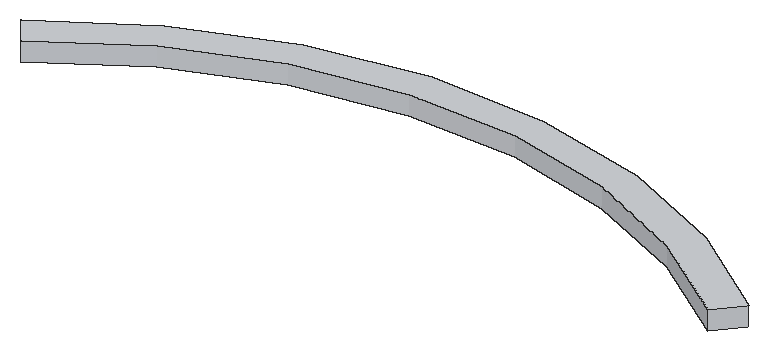
Revit family "LED Arc", category Lighting Fixtures, Revit 2022
Family settings
  Round Connector Dimension = Use Diameter
  Part Type = Normal
  Cut with Voids When Loaded = No
  Light Source = No
  Maintain Annotation Orientation = No
  Shared = No
  Room Calculation Point = No
Parameters
  Rad [instance] = Bend Radius / 1 mm  # 1653.2708
  RB_Width = 95 mm
  RB_Height = 55 mm
  built-in parameter 1001306 [instance] = 2120 mm
  Default Elevation = 0 mm
  Bend Radius [instance] = 1653.271 mm
  Arc [instance] = (Angle / 360.00°) * 2 * pi() * Rad  # 2301.3534
  Angle [instance] = 79.7557°
Reference planes
  plane 1 "Center (Front/Back)": y = 0
  plane 2: z = 0
  plane 3 "Left": x = 0
  plane 4 "Right": x = 2120
Forms (mm)
  Sweep 1, solid
    path in 3D
      loop
        arc (0, 0, 0) -> (1060, 384.53, 0) -> (2120, 0, 0) r 1653.271
    profile origin (1060, 384.53, 0) x (0, 1, 0) y (0, 0, 1)
      loop
        line (0, 0) -> (-95, 0) -> (-95, -55) -> (0, -55) -> (0, 0)
Lines and regions (mm)
  reference lines
    curve 1: line (0, 0, 0) -> (2120, 0, 0)
    curve 2: arc (0, 0, 0) -> (1060, 384.53, 0) -> (2120, 0, 0) r 1653.271
  sketch lines
    curve 3: arc (0, 0, 0) -> (1060, 384.53, 0) -> (2120, 0, 0) r 1653.271
  model lines, style "LED Strip Lighting"
    curve 4: arc (0, 0, 0) -> (1060, 384.53, 0) -> (2120, 0, 0) r 1653.271
Dimensions and locks
  "built-in parameter 1001306": plane 3 "Left" to plane 4 "Right"
  "RB_Width": profile plane to Sweep 1 sketch curve
  "RB_Height": profile plane to Sweep 1 sketch curve
  "Bend Radius": radius of curve 2
  arc length of Sweep 1 = 2301.353 mm  (x2)
  "Angle": angle Sweep 1 to Sweep 1
  aligned and locked: plane 4 "Right" to curve 1
  aligned and locked: plane 1 "Center (Front/Back)" to curve 1
  aligned and locked: plane 3 "Left" to curve 1
  aligned and locked: level to plane 2
  aligned and locked: Sweep 1 sketch curve to curve 2
  aligned and locked: Sweep 1 sketch curve to profile plane
  aligned and locked: curve 4 to Sweep 1
Automatic sketch dimensions
  plane 1 "Center (Front/Back)" to curve 4 = 0 mm  (x2)
